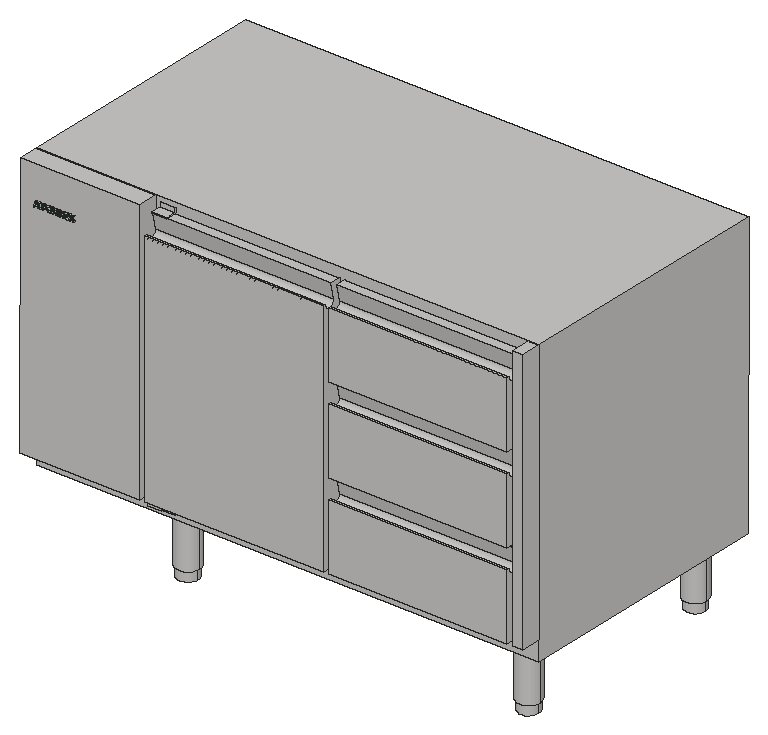
Revit family "QF_ALPENINOX_721024_AK2R7AC", category Attrezzature speciali, Revit 2018
Family settings
  Quota connettore circolare = Usa diametro
  Tipo di parte = Normale
  Basato su piano di lavoro = No
  Sempre verticale = Sì
  Taglio con vuoti quando caricato = No
  Condiviso = No
  Punto di calcolo locali = No
Parameters (values of type "Standard")
  Weight = 92.00 kg
  Watts = 250 W
  Volts = 220 V
  URL Manufacturer = "http://www.alpeninox.com"
  URL = "http://www.alpeninox.com"
  Steam Supply Size = 0 mm
  Steam Supply Minimum Pressure = 0.0 Pa
  Steam Supply Maximum Pressure = 0.0 Pa
  Steam Consumption per Hour = 0
  Refrigeration Suction Line Size = 0 mm
  Refrigeration Liquid Line Size = 0 mm
  Refrigerant Compressor Remote = yes
  Produttore = "Alpeninox"
  Phase = 1
  Modello = "AK2R7AC"
  Length Actual = 1241 mm  # constant formula
  Item Number = "721024"
  Hot Water Size = 0 mm
  Height Actual = 850 mm  # constant formula
  HP = "0.3 HP"
  Gas Size = 0 mm
  Gas KW = 0
  Gas Input Pressure = 0 W
  Direct Waste Size = 0 mm
  Descrizione = "1-DOOR AND 3X1/3-DRAWER REFRIGERATED COUNTER, -2+10°C, FULL AISI 304 (R290), WITHOUT WORK TOP"
  Depth Actual = 700 mm  # constant formula
  Cycle = 50 Hz
  Condensate Return Size = 0 mm
  Compressed Air Volume = 0.0 L/s
  Compressed Air Size = 0 mm
  Compressed Air Pressure = 0.0 Pa
  Cold Water Size = 0 mm
  Accessory = yes
Values of the unnamed type that differ from the named types
  Weight = 0.00 kg
  Watts = 0 W
  Volts = 0 V
  URL Manufacturer = ""
  Item Number = ""
  HP = ""
  Cycle = 0 Hz
Reference planes
  plane 1: z = 0
  plane 2 "Center (Left/Right)": x = -126.5
  plane 3 "Center (Front/Back)": y = 64.5
  plane 4 "FEET": z = 150
  plane 5 "TOP": z = 900
  plane 6 "PLAIN": z = 850
  plane 7 "EI_back": y = 103
  plane 8 "EI_left": x = -686
  plane 9 "BACK": y = 412
  plane 10 "FRONT": y = -283
  plane 11 "DOOR": y = -233
  plane 12 "LEFT": x = -747
  plane 13 "RIGHT": x = 494
  plane 14: x = -722
  plane 15: x = 469
Forms (mm)
  Extrusion 1, solid, material "QF_Finishes_Stainless Steel"
    sketch origin (-1022.223, -1524, 150) x (-1, 0, 0) y (0, -1, 0)
      loop
        circle (-336.223, -1627) r 5
    from 0 to -40
  Extrusion 2, solid, material "QF_Finishes_Stainless Steel"
    sketch origin (-1022.223, -1524, 150) x (-1, 0, 0) y (0, -1, 0)
      loop
        line (-1491.223, -1291) -> (-1491.223, -1241) -> (-1516.223, -1241) -> (-1516.223, -1291) -> (-1491.223, -1291)
    from 48 to 700
  Extrusion 3, solid, material "QF_Finishes_Stainless Steel"
    sketch origin (-1022.223, -1524, 150) x (-1, 0, 0) y (0, -1, 0)
      loop
        line (-275.223, -1936) -> (-275.223, -1291) -> (-1516.223, -1291) -> (-1516.223, -1936) -> (-275.223, -1936)
    from 0 to 700
Lines and regions (mm)
  symbolic lines, style "SpecialityEquipmentHiddenLines"
    curve 1: line (-747, 412, 150) -> (494, 412, 150)
    curve 2: line (-747, -283, 150) -> (-747, 412, 150)
    curve 3: line (494, -283, 150) -> (-747, -283, 150)
    curve 4: line (494, 412, 150) -> (494, -283, 150)
    curve 5: line (-747, -233, 150) -> (494, -233, 150)
    curve 6: line (469, -283, 150) -> (469, -233, 150)
Dimensions and locks
  plane 4 "FEET" to level = 150 mm
  plane 11 "DOOR" to plane 10 "FRONT" = 50 mm
  plane 6 "PLAIN" to plane 4 "FEET" = 700 mm
  plane 5 "TOP" to plane 6 "PLAIN" = 50 mm
  plane 12 "LEFT" to plane 14 = 25 mm
  plane 15 to plane 13 "RIGHT" = 25 mm
  plane 9 "BACK" to plane 7 "EI_back" = 309 mm
  plane 12 "LEFT" to plane 8 "EI_left" = 61 mm
  plane 12 "LEFT" to plane 13 "RIGHT" = 1241 mm
  equal spacing: plane 12 "LEFT", plane 2 "Center (Left/Right)", plane 13 "RIGHT"
  plane 9 "BACK" to plane 10 "FRONT" = 695 mm
  equal spacing: plane 9 "BACK", plane 3 "Center (Front/Back)", plane 10 "FRONT"
  aligned and locked: level to plane 1
  aligned and locked: plane 13 "RIGHT" to Extrusion 2
  aligned and locked: Extrusion 2 to plane 15
Automatic sketch dimensions
  Extrusion 1 sketch curve to plane 7 "EI_back" = 0 mm
  Extrusion 1 sketch curve to plane 8 "EI_left" = 0 mm
  Extrusion 2 sketch curve to plane 11 "DOOR" = 0 mm
  Extrusion 2 sketch curve to plane 13 "RIGHT" = 0 mm
  Extrusion 2 sketch curve to plane 10 "FRONT" = 0 mm
  Extrusion 2 sketch curve to plane 15 = 0 mm
  Extrusion 3 sketch curve to plane 9 "BACK" = 0 mm
  Extrusion 3 sketch curve to plane 13 "RIGHT" = 0 mm
  Extrusion 3 sketch curve to plane 11 "DOOR" = 0 mm
  Extrusion 3 sketch curve to plane 12 "LEFT" = 0 mm
  curve 1 to plane 13 "RIGHT" = 0 mm
  curve 6 to plane 10 "FRONT" = 0 mm
  curve 6 to plane 15 = 0 mm
  curve 5 to plane 12 "LEFT" = 0 mm
  curve 6 to plane 11 "DOOR" = 0 mm
  curve 1 to plane 9 "BACK" = 0 mm
  radius of Extrusion 1 sketch curve = 5 mm
Nested families
  nested 1: "HPC_Refrigerator" at (494, -283, 0), type "HPC_Refrigerator"
  nested 2: "HPC_FEET" at (-413, 331, 0), type "HPC_FEET"
  nested 3: "HPC_FEET" at (428, 331, 0), type "HPC_FEET"
  nested 4: "HPC_FEET" at (-413, -183, 0), type "HPC_FEET"
  nested 5: "HPC_FEET" at (428, -183, 0), type "HPC_FEET"
  nested 6: "HPC_APX_BI_TN_L" at (-540.08, -233, 598) x (1, 0, 0) z (0, -1, 0), type "HPC_APX_BI_TN_L"
    with Show Logo yes
  nested 7: "HPC_APX_SD_L" at (-219, -233, 512) x (1, 0, 0) z (0, -1, 0), type "HPC_APX_SD_L"
    with Show Clearance yes
  nested 8: "HPC_APX_THIRD" at (235, -233, 512) x (1, 0, 0) z (0, -1, 0), type "HPC_APX_THIRD"
    with Show Clearance yes
Connectors
  electrical at (-686, 103, 110), driven by "Volts"
    settings: on Extrusion 1, index 1, voltage 220 V, apparent load 0 VA, apparent load phase1 0 VA, apparent load phase2 0 VA, apparent load phase3 0 VA, power factor 1, load classification "Other", number of poles 1, system type 31, power factor state 1, is connector primary yes, connector utility no, sub classification motor no, connector description "Electrical Connection"
Definition of nested family "HPC_FEET"
  Parameters
    FEET = 150 mm
  Reference planes
    plane 1 "Center (Front/Back)": y = 0
    plane 2: z = 0
    plane 3 "Center (Left/Right)": x = 0
    plane 4: z = 150
  Forms (mm)
    Revolve 1, solid
      sketch origin (255.05, 0, 608.09) x (0, 0, 1) y (-1, 0, 0)
        loop
          line (-608.09, 255.05) -> (-608.09, 230.05) -> (-583.09, 230.05) -> (-583.09, 226.05) -> (-458.09, 226.05) -> (-458.09, 255.05) -> (-608.09, 255.05)
        axis (-608.09, 255.05) -> (-458.09, 255.05)
      angle from 0 to 360
  Dimensions and locks
    locked: Revolve 1 sketch curve to Revolve 1 sketch curve at 125
    "FEET": plane 4 to plane 2
    aligned and locked: level to plane 2
    aligned and locked: plane 4 to Revolve 1 sketch curve
    aligned and locked: Revolve 1 sketch curve to level
    aligned and locked: plane 3 "Center (Left/Right)" to Revolve 1 sketch curve
  Automatic sketch dimensions
    Revolve 1 sketch curve to plane 3 "Center (Left/Right)" = 0 mm
    Revolve 1 sketch curve to Revolve 1 sketch curve = 25 mm
    Revolve 1 sketch curve to Revolve 1 sketch curve = 29 mm
    plane 4 to Revolve 1 sketch curve = 50 mm
    Revolve 1 sketch curve to Revolve 1 sketch curve = 20 mm
Definition of nested family "HPC_APX_BI_TN_L"
  Parameters
    Show Logo [instance] = yes
    Default Elevation = 1219.2 mm
  Reference planes
    plane 1 "Center (Front/Back)": y = -74
    plane 2: z = 0
    plane 3 "Center (Left/Right)": x = -59.92
    plane 4: x = -206.92
    plane 5: x = 87.08
    plane 6: y = 252
    plane 7: y = -400
  Forms (mm)
    Extrusion 1, solid
      sketch origin (0, 0, 0) x (1, 0, 0) y (0, 1, 0)
        loop
          line (-1219.2, 1219.2) -> (-1219.2, -1219.2) -> (1219.2, -1219.2) -> (1219.2, 1219.2) -> (-1219.2, 1219.2)
      from 0 to -304.8
    Extrusion 2, solid
      sketch origin (0, 0, 0) x (1, 0, 0) y (0, 1, 0)
        loop
          line (-206.92, 252) -> (-206.92, -400) -> (87.08, -400) -> (87.08, 252) -> (-206.92, 252)
      from 0 to 50
    Extrusion 3, solid
      sketch origin (0, 0, 0) x (1, 0, 0) y (0, 1, 0)
        loop
          line (-168.675, 170.349) -> (-172.411, 160.318)
          arc (-172.411, 160.318) -> (-171.624, 158.497) -> (-169.837, 159.36) r 1.374
          line (-169.837, 159.36) -> (-169.268, 161.111) -> (-164.1, 161.111) -> (-163.54, 159.379)
          arc (-163.54, 159.379) -> (-161.802, 158.542) -> (-161.049, 160.318) r 1.333
          line (-161.049, 160.318) -> (-164.694, 170.349)
          arc (-164.694, 170.349) -> (-166.685, 171.876) -> (-168.675, 170.349) r 2.06
        loop
          line (-166.681, 169.055) -> (-168.469, 163.655) -> (-164.935, 163.655) -> (-166.681, 169.055)
        loop
          arc (-159.705, 160.042) -> (-159.262, 158.973) -> (-158.194, 158.531) r 1.512
          line (-158.194, 158.531) -> (-153.608, 158.531)
          arc (-153.608, 158.531) -> (-152.337, 159.802) -> (-153.608, 161.074) r 1.272
          line (-153.608, 161.074) -> (-156.917, 161.074) -> (-156.917, 170.328)
          arc (-156.917, 170.328) -> (-158.311, 171.722) -> (-159.705, 170.328) r 1.394
          line (-159.705, 170.328) -> (-159.705, 160.042)
        loop
          line (-151.076, 170.218) -> (-151.076, 159.859)
          arc (-151.076, 159.859) -> (-149.683, 158.466) -> (-148.29, 159.859) r 1.393
          line (-148.29, 159.859) -> (-148.29, 162.882) -> (-146.225, 162.882)
          arc (-146.225, 162.882) -> (-142.999, 163.859) -> (-141.608, 166.928) r 4.082
          arc (-141.608, 166.928) -> (-142.993, 170.272) -> (-146.336, 171.657) r 4.728
          line (-146.336, 171.657) -> (-149.638, 171.657)
          arc (-149.638, 171.657) -> (-150.655, 171.235) -> (-151.076, 170.218) r 1.439
        loop
          line (-148.29, 165.313) -> (-146.388, 165.313)
          arc (-146.388, 165.313) -> (-144.433, 167.268) -> (-146.388, 169.222) r 1.955
          line (-146.388, 169.222) -> (-148.29, 169.222) -> (-148.29, 165.313)
        loop
          arc (-131.184, 166.332) -> (-132.004, 168.2) -> (-133.767, 169.228) r 3.3
          arc (-133.767, 169.228) -> (-136.353, 168.661) -> (-137.611, 166.332) r 3.176
          line (-137.611, 166.332) -> (-131.184, 166.332)
        loop
          line (-137.538, 163.743) -> (-130.544, 163.743)
          arc (-130.544, 163.743) -> (-129.292, 163.916) -> (-128.301, 164.701) r 2.4
          arc (-128.301, 164.701) -> (-128.155, 165.545) -> (-128.212, 166.399) r 3.635
          arc (-128.212, 166.399) -> (-130.364, 170.162) -> (-134.39, 171.769) r 6.579
          arc (-134.39, 171.769) -> (-138.918, 169.706) -> (-140.661, 165.044) r 6.501
          arc (-140.661, 165.044) -> (-139.276, 160.789) -> (-135.401, 158.549) r 6.252
          arc (-135.401, 158.549) -> (-132.922, 158.526) -> (-130.544, 159.232) r 8.361
          arc (-130.544, 159.232) -> (-129.466, 159.781) -> (-128.641, 160.666) r 3.486
          arc (-128.641, 160.666) -> (-128.419, 161.592) -> (-128.828, 162.451) r 1.425
          arc (-128.828, 162.451) -> (-129.368, 162.762) -> (-129.99, 162.762) r 1.203
          arc (-129.99, 162.762) -> (-130.406, 162.59) -> (-130.764, 162.316) r 1.724
          arc (-130.764, 162.316) -> (-131.666, 161.705) -> (-132.646, 161.229) r 7.6
          arc (-132.646, 161.229) -> (-135.676, 161.35) -> (-137.538, 163.743) r 3.6
        loop
          line (-126.669, 170.328) -> (-126.669, 159.859)
          arc (-126.669, 159.859) -> (-125.273, 158.463) -> (-123.878, 159.859) r 1.396
          line (-123.878, 159.859) -> (-123.878, 166.785) -> (-117.946, 159.029)
          arc (-117.946, 159.029) -> (-116.361, 158.51) -> (-115.379, 159.859) r 1.417
          line (-115.379, 159.859) -> (-115.379, 170.328)
          arc (-115.379, 170.328) -> (-116.774, 171.723) -> (-118.169, 170.328) r 1.395
          line (-118.169, 170.328) -> (-118.169, 163.311) -> (-124.101, 171.157)
          arc (-124.101, 171.157) -> (-125.687, 171.678) -> (-126.669, 170.328) r 1.418
        loop
          arc (-113.636, 159.859) -> (-112.241, 158.464) -> (-110.847, 159.859) r 1.394
          line (-110.847, 159.859) -> (-110.847, 170.328)
          arc (-110.847, 170.328) -> (-112.241, 171.723) -> (-113.636, 170.328) r 1.394
          line (-113.636, 170.328) -> (-113.636, 159.859)
        loop
          line (-109.102, 170.328) -> (-109.102, 159.859)
          arc (-109.102, 159.859) -> (-107.706, 158.463) -> (-106.31, 159.859) r 1.396
          line (-106.31, 159.859) -> (-106.31, 166.785) -> (-100.378, 159.029)
          arc (-100.378, 159.029) -> (-98.793, 158.51) -> (-97.812, 159.859) r 1.417
          line (-97.812, 159.859) -> (-97.812, 170.328)
          arc (-97.812, 170.328) -> (-99.207, 171.723) -> (-100.602, 170.328) r 1.395
          line (-100.602, 170.328) -> (-100.602, 163.311) -> (-106.533, 171.157)
          arc (-106.533, 171.157) -> (-108.119, 171.678) -> (-109.102, 170.328) r 1.418
        loop
          arc (-96.345, 165.093) -> (-95.619, 161.877) -> (-93.467, 159.379) r 6.806
          arc (-93.467, 159.379) -> (-91.792, 158.566) -> (-89.948, 158.31) r 5.956
          arc (-89.948, 158.31) -> (-88.104, 158.566) -> (-86.43, 159.379) r 5.956
          arc (-86.43, 159.379) -> (-84.277, 161.877) -> (-83.551, 165.093) r 6.806
          arc (-83.551, 165.093) -> (-84.277, 168.31) -> (-86.43, 170.808) r 6.806
          arc (-86.43, 170.808) -> (-88.104, 171.621) -> (-89.948, 171.877) r 5.956
          arc (-89.948, 171.877) -> (-91.792, 171.621) -> (-93.467, 170.808) r 5.956
          arc (-93.467, 170.808) -> (-95.619, 168.31) -> (-96.345, 165.093) r 6.806
        loop
          arc (-93.425, 165.093) -> (-93.138, 163.212) -> (-92.081, 161.629) r 4.387
          arc (-92.081, 161.629) -> (-91.087, 161.049) -> (-89.948, 160.881) r 3.035
          arc (-89.948, 160.881) -> (-88.809, 161.049) -> (-87.815, 161.629) r 3.035
          arc (-87.815, 161.629) -> (-86.759, 163.212) -> (-86.472, 165.093) r 4.387
          arc (-86.472, 165.093) -> (-86.759, 166.975) -> (-87.815, 168.558) r 4.387
          arc (-87.815, 168.558) -> (-88.809, 169.138) -> (-89.948, 169.306) r 3.035
          arc (-89.948, 169.306) -> (-91.087, 169.138) -> (-92.081, 168.558) r 3.035
          arc (-92.081, 168.558) -> (-93.138, 166.975) -> (-93.425, 165.093) r 4.387
        loop
          line (-83.139, 169.609) -> (-80.126, 165.552) -> (-83.81, 160.652)
          arc (-83.81, 160.652) -> (-83.512, 158.692) -> (-81.559, 159.029) r 1.388
          line (-81.559, 159.029) -> (-78.51, 163.232) -> (-75.461, 159.029)
          arc (-75.461, 159.029) -> (-73.507, 158.692) -> (-73.21, 160.652) r 1.388
          line (-73.21, 160.652) -> (-76.894, 165.552) -> (-73.881, 169.609)
          arc (-73.881, 169.609) -> (-74.249, 171.597) -> (-76.205, 171.084) r 1.38
          line (-76.205, 171.084) -> (-78.51, 167.841) -> (-80.815, 171.084)
          arc (-80.815, 171.084) -> (-82.771, 171.597) -> (-83.139, 169.609) r 1.38
      from 50 to 51.6
  Lines and regions (mm)
    Split face 1
      outline origin (0, 0, 50) x (1, 0, 0) y (0, 1, 0)
        loop
          line (87.08, 183) -> (-172.92, 183)
          arc (-172.92, 183) -> (-190.42, 165.5) -> (-172.92, 148) r 17.5
          line (-172.92, 148) -> (87.08, 148)
    Split face 2
      outline origin (-38, 0, 50) x (1, 0, 0) y (0, 1, 0)
        loop
          line (-5.42, 177) -> (-5.42, 154) -> (64.58, 154) -> (64.58, 177) -> (-5.42, 177)
    Split face 3
      outline origin (-38, 0, 50) x (1, 0, 0) y (0, 1, 0)
        loop
          line (44.58, 174) -> (44.58, 157) -> (61.58, 157) -> (61.58, 174) -> (44.58, 174)
    Split face 4
      outline origin (0, 0, 50) x (1, 0, 0) y (0, 1, 0)
        loop
          line (-206.92, 188) -> (87.08, 188)
    Split face 5
      outline origin (0, 0, 50) x (1, 0, 0) y (0, 1, 0)
        loop
          arc (-163.464, 131.824) -> (-167.464, 127.824) -> (-163.464, 123.824) r 4
          line (-163.464, 123.824) -> (-121.464, 123.824)
          arc (-121.464, 123.824) -> (-117.464, 127.824) -> (-121.464, 131.824) r 4
          line (-121.464, 131.824) -> (-163.464, 131.824)
    Split face 6
      outline origin (330, 0, 50) x (1, 0, 0) y (0, 1, 0)
        loop
          arc (-328.464, 131.824) -> (-332.464, 127.824) -> (-328.464, 123.824) r 4
          line (-328.464, 123.824) -> (-286.464, 123.824)
          arc (-286.464, 123.824) -> (-282.464, 127.824) -> (-286.464, 131.824) r 4
          line (-286.464, 131.824) -> (-328.464, 131.824)
    Split face 7
      outline origin (110, 0, 50) x (1, 0, 0) y (0, 1, 0)
        loop
          arc (-218.464, 131.824) -> (-222.464, 127.824) -> (-218.464, 123.824) r 4
          line (-218.464, 123.824) -> (-176.464, 123.824)
          arc (-176.464, 123.824) -> (-172.464, 127.824) -> (-176.464, 131.824) r 4
          line (-176.464, 131.824) -> (-218.464, 131.824)
    Split face 8
      outline origin (220, 0, 50) x (1, 0, 0) y (0, 1, 0)
        loop
          arc (-273.464, 131.824) -> (-277.464, 127.824) -> (-273.464, 123.824) r 4
          line (-273.464, 123.824) -> (-231.464, 123.824)
          arc (-231.464, 123.824) -> (-227.464, 127.824) -> (-231.464, 131.824) r 4
          line (-231.464, 131.824) -> (-273.464, 131.824)
    Split face 9
      outline origin (0, -24, 50) x (1, 0, 0) y (0, 1, 0)
        loop
          arc (-163.464, 143.824) -> (-167.464, 139.824) -> (-163.464, 135.824) r 4
          line (-163.464, 135.824) -> (-121.464, 135.824)
          arc (-121.464, 135.824) -> (-117.464, 139.824) -> (-121.464, 143.824) r 4
          line (-121.464, 143.824) -> (-163.464, 143.824)
    Split face 10
      outline origin (330, -24, 50) x (1, 0, 0) y (0, 1, 0)
        loop
          arc (-328.464, 143.824) -> (-332.464, 139.824) -> (-328.464, 135.824) r 4
          line (-328.464, 135.824) -> (-286.464, 135.824)
          arc (-286.464, 135.824) -> (-282.464, 139.824) -> (-286.464, 143.824) r 4
          line (-286.464, 143.824) -> (-328.464, 143.824)
    Split face 11
      outline origin (110, -24, 50) x (1, 0, 0) y (0, 1, 0)
        loop
          arc (-218.464, 143.824) -> (-222.464, 139.824) -> (-218.464, 135.824) r 4
          line (-218.464, 135.824) -> (-176.464, 135.824)
          arc (-176.464, 135.824) -> (-172.464, 139.824) -> (-176.464, 143.824) r 4
          line (-176.464, 143.824) -> (-218.464, 143.824)
    Split face 12
      outline origin (220, -24, 50) x (1, 0, 0) y (0, 1, 0)
        loop
          arc (-273.464, 143.824) -> (-277.464, 139.824) -> (-273.464, 135.824) r 4
          line (-273.464, 135.824) -> (-231.464, 135.824)
          arc (-231.464, 135.824) -> (-227.464, 139.824) -> (-231.464, 143.824) r 4
          line (-231.464, 143.824) -> (-273.464, 143.824)
    Split face 13
      outline origin (0, -48, 50) x (1, 0, 0) y (0, 1, 0)
        loop
          arc (-163.464, 155.824) -> (-167.464, 151.824) -> (-163.464, 147.824) r 4
          line (-163.464, 147.824) -> (-121.464, 147.824)
          arc (-121.464, 147.824) -> (-117.464, 151.824) -> (-121.464, 155.824) r 4
          line (-121.464, 155.824) -> (-163.464, 155.824)
    Split face 14
      outline origin (330, -48, 50) x (1, 0, 0) y (0, 1, 0)
        loop
          arc (-328.464, 155.824) -> (-332.464, 151.824) -> (-328.464, 147.824) r 4
          line (-328.464, 147.824) -> (-286.464, 147.824)
          arc (-286.464, 147.824) -> (-282.464, 151.824) -> (-286.464, 155.824) r 4
          line (-286.464, 155.824) -> (-328.464, 155.824)
    Split face 15
      outline origin (110, -48, 50) x (1, 0, 0) y (0, 1, 0)
        loop
          arc (-218.464, 155.824) -> (-222.464, 151.824) -> (-218.464, 147.824) r 4
          line (-218.464, 147.824) -> (-176.464, 147.824)
          arc (-176.464, 147.824) -> (-172.464, 151.824) -> (-176.464, 155.824) r 4
          line (-176.464, 155.824) -> (-218.464, 155.824)
    Split face 16
      outline origin (220, -48, 50) x (1, 0, 0) y (0, 1, 0)
        loop
          arc (-273.464, 155.824) -> (-277.464, 151.824) -> (-273.464, 147.824) r 4
          line (-273.464, 147.824) -> (-231.464, 147.824)
          arc (-231.464, 147.824) -> (-227.464, 151.824) -> (-231.464, 155.824) r 4
          line (-231.464, 155.824) -> (-273.464, 155.824)
    Split face 17
      outline origin (0, -72, 50) x (1, 0, 0) y (0, 1, 0)
        loop
          arc (-163.464, 167.824) -> (-167.464, 163.824) -> (-163.464, 159.824) r 4
          line (-163.464, 159.824) -> (-121.464, 159.824)
          arc (-121.464, 159.824) -> (-117.464, 163.824) -> (-121.464, 167.824) r 4
          line (-121.464, 167.824) -> (-163.464, 167.824)
    Split face 18
      outline origin (330, -72, 50) x (1, 0, 0) y (0, 1, 0)
        loop
          arc (-328.464, 167.824) -> (-332.464, 163.824) -> (-328.464, 159.824) r 4
          line (-328.464, 159.824) -> (-286.464, 159.824)
          arc (-286.464, 159.824) -> (-282.464, 163.824) -> (-286.464, 167.824) r 4
          line (-286.464, 167.824) -> (-328.464, 167.824)
    Split face 19
      outline origin (110, -72, 50) x (1, 0, 0) y (0, 1, 0)
        loop
          arc (-218.464, 167.824) -> (-222.464, 163.824) -> (-218.464, 159.824) r 4
          line (-218.464, 159.824) -> (-176.464, 159.824)
          arc (-176.464, 159.824) -> (-172.464, 163.824) -> (-176.464, 167.824) r 4
          line (-176.464, 167.824) -> (-218.464, 167.824)
    Split face 20
      outline origin (220, -72, 50) x (1, 0, 0) y (0, 1, 0)
        loop
          arc (-273.464, 167.824) -> (-277.464, 163.824) -> (-273.464, 159.824) r 4
          line (-273.464, 159.824) -> (-231.464, 159.824)
          arc (-231.464, 159.824) -> (-227.464, 163.824) -> (-231.464, 167.824) r 4
          line (-231.464, 167.824) -> (-273.464, 167.824)
    Split face 21
      outline origin (0, -96, 50) x (1, 0, 0) y (0, 1, 0)
        loop
          arc (-163.464, 179.824) -> (-167.464, 175.824) -> (-163.464, 171.824) r 4
          line (-163.464, 171.824) -> (-121.464, 171.824)
          arc (-121.464, 171.824) -> (-117.464, 175.824) -> (-121.464, 179.824) r 4
          line (-121.464, 179.824) -> (-163.464, 179.824)
    Split face 22
      outline origin (330, -96, 50) x (1, 0, 0) y (0, 1, 0)
        loop
          arc (-328.464, 179.824) -> (-332.464, 175.824) -> (-328.464, 171.824) r 4
          line (-328.464, 171.824) -> (-286.464, 171.824)
          arc (-286.464, 171.824) -> (-282.464, 175.824) -> (-286.464, 179.824) r 4
          line (-286.464, 179.824) -> (-328.464, 179.824)
    Split face 23
      outline origin (110, -96, 50) x (1, 0, 0) y (0, 1, 0)
        loop
          arc (-218.464, 179.824) -> (-222.464, 175.824) -> (-218.464, 171.824) r 4
          line (-218.464, 171.824) -> (-176.464, 171.824)
          arc (-176.464, 171.824) -> (-172.464, 175.824) -> (-176.464, 179.824) r 4
          line (-176.464, 179.824) -> (-218.464, 179.824)
    Split face 24
      outline origin (220, -96, 50) x (1, 0, 0) y (0, 1, 0)
        loop
          arc (-273.464, 179.824) -> (-277.464, 175.824) -> (-273.464, 171.824) r 4
          line (-273.464, 171.824) -> (-231.464, 171.824)
          arc (-231.464, 171.824) -> (-227.464, 175.824) -> (-231.464, 179.824) r 4
          line (-231.464, 179.824) -> (-273.464, 179.824)
    Split face 25
      outline origin (0, -120, 50) x (1, 0, 0) y (0, 1, 0)
        loop
          arc (-163.464, 191.824) -> (-167.464, 187.824) -> (-163.464, 183.824) r 4
          line (-163.464, 183.824) -> (-121.464, 183.824)
          arc (-121.464, 183.824) -> (-117.464, 187.824) -> (-121.464, 191.824) r 4
          line (-121.464, 191.824) -> (-163.464, 191.824)
    Split face 26
      outline origin (330, -120, 50) x (1, 0, 0) y (0, 1, 0)
        loop
          arc (-328.464, 191.824) -> (-332.464, 187.824) -> (-328.464, 183.824) r 4
          line (-328.464, 183.824) -> (-286.464, 183.824)
          arc (-286.464, 183.824) -> (-282.464, 187.824) -> (-286.464, 191.824) r 4
          line (-286.464, 191.824) -> (-328.464, 191.824)
    Split face 27
      outline origin (110, -120, 50) x (1, 0, 0) y (0, 1, 0)
        loop
          arc (-218.464, 191.824) -> (-222.464, 187.824) -> (-218.464, 183.824) r 4
          line (-218.464, 183.824) -> (-176.464, 183.824)
          arc (-176.464, 183.824) -> (-172.464, 187.824) -> (-176.464, 191.824) r 4
          line (-176.464, 191.824) -> (-218.464, 191.824)
    Split face 28
      outline origin (220, -120, 50) x (1, 0, 0) y (0, 1, 0)
        loop
          arc (-273.464, 191.824) -> (-277.464, 187.824) -> (-273.464, 183.824) r 4
          line (-273.464, 183.824) -> (-231.464, 183.824)
          arc (-231.464, 183.824) -> (-227.464, 187.824) -> (-231.464, 191.824) r 4
          line (-231.464, 191.824) -> (-273.464, 191.824)
    Split face 29
      outline origin (0, -144, 50) x (1, 0, 0) y (0, 1, 0)
        loop
          arc (-163.464, 203.824) -> (-167.464, 199.824) -> (-163.464, 195.824) r 4
          line (-163.464, 195.824) -> (-121.464, 195.824)
          arc (-121.464, 195.824) -> (-117.464, 199.824) -> (-121.464, 203.824) r 4
          line (-121.464, 203.824) -> (-163.464, 203.824)
    Split face 30
      outline origin (330, -144, 50) x (1, 0, 0) y (0, 1, 0)
        loop
          arc (-328.464, 203.824) -> (-332.464, 199.824) -> (-328.464, 195.824) r 4
          line (-328.464, 195.824) -> (-286.464, 195.824)
          arc (-286.464, 195.824) -> (-282.464, 199.824) -> (-286.464, 203.824) r 4
          line (-286.464, 203.824) -> (-328.464, 203.824)
    Split face 31
      outline origin (110, -144, 50) x (1, 0, 0) y (0, 1, 0)
        loop
          arc (-218.464, 203.824) -> (-222.464, 199.824) -> (-218.464, 195.824) r 4
          line (-218.464, 195.824) -> (-176.464, 195.824)
          arc (-176.464, 195.824) -> (-172.464, 199.824) -> (-176.464, 203.824) r 4
          line (-176.464, 203.824) -> (-218.464, 203.824)
    Split face 32
      outline origin (220, -144, 50) x (1, 0, 0) y (0, 1, 0)
        loop
          arc (-273.464, 203.824) -> (-277.464, 199.824) -> (-273.464, 195.824) r 4
          line (-273.464, 195.824) -> (-231.464, 195.824)
          arc (-231.464, 195.824) -> (-227.464, 199.824) -> (-231.464, 203.824) r 4
          line (-231.464, 203.824) -> (-273.464, 203.824)
    Split face 33
      outline origin (0, -168, 50) x (1, 0, 0) y (0, 1, 0)
        loop
          arc (-163.464, 215.824) -> (-167.464, 211.824) -> (-163.464, 207.824) r 4
          line (-163.464, 207.824) -> (-121.464, 207.824)
          arc (-121.464, 207.824) -> (-117.464, 211.824) -> (-121.464, 215.824) r 4
          line (-121.464, 215.824) -> (-163.464, 215.824)
    Split face 34
      outline origin (330, -168, 50) x (1, 0, 0) y (0, 1, 0)
        loop
          arc (-328.464, 215.824) -> (-332.464, 211.824) -> (-328.464, 207.824) r 4
          line (-328.464, 207.824) -> (-286.464, 207.824)
          arc (-286.464, 207.824) -> (-282.464, 211.824) -> (-286.464, 215.824) r 4
          line (-286.464, 215.824) -> (-328.464, 215.824)
    Split face 35
      outline origin (110, -168, 50) x (1, 0, 0) y (0, 1, 0)
        loop
          arc (-218.464, 215.824) -> (-222.464, 211.824) -> (-218.464, 207.824) r 4
          line (-218.464, 207.824) -> (-176.464, 207.824)
          arc (-176.464, 207.824) -> (-172.464, 211.824) -> (-176.464, 215.824) r 4
          line (-176.464, 215.824) -> (-218.464, 215.824)
    Split face 36
      outline origin (220, -168, 50) x (1, 0, 0) y (0, 1, 0)
        loop
          arc (-273.464, 215.824) -> (-277.464, 211.824) -> (-273.464, 207.824) r 4
          line (-273.464, 207.824) -> (-231.464, 207.824)
          arc (-231.464, 207.824) -> (-227.464, 211.824) -> (-231.464, 215.824) r 4
          line (-231.464, 215.824) -> (-273.464, 215.824)
    Split face 37
      outline origin (0, -192, 50) x (1, 0, 0) y (0, 1, 0)
        loop
          arc (-163.464, 227.824) -> (-167.464, 223.824) -> (-163.464, 219.824) r 4
          line (-163.464, 219.824) -> (-121.464, 219.824)
          arc (-121.464, 219.824) -> (-117.464, 223.824) -> (-121.464, 227.824) r 4
          line (-121.464, 227.824) -> (-163.464, 227.824)
    Split face 38
      outline origin (330, -192, 50) x (1, 0, 0) y (0, 1, 0)
        loop
          arc (-328.464, 227.824) -> (-332.464, 223.824) -> (-328.464, 219.824) r 4
          line (-328.464, 219.824) -> (-286.464, 219.824)
          arc (-286.464, 219.824) -> (-282.464, 223.824) -> (-286.464, 227.824) r 4
          line (-286.464, 227.824) -> (-328.464, 227.824)
    Split face 39
      outline origin (110, -192, 50) x (1, 0, 0) y (0, 1, 0)
        loop
          arc (-218.464, 227.824) -> (-222.464, 223.824) -> (-218.464, 219.824) r 4
          line (-218.464, 219.824) -> (-176.464, 219.824)
          arc (-176.464, 219.824) -> (-172.464, 223.824) -> (-176.464, 227.824) r 4
          line (-176.464, 227.824) -> (-218.464, 227.824)
    Split face 40
      outline origin (220, -192, 50) x (1, 0, 0) y (0, 1, 0)
        loop
          arc (-273.464, 227.824) -> (-277.464, 223.824) -> (-273.464, 219.824) r 4
          line (-273.464, 219.824) -> (-231.464, 219.824)
          arc (-231.464, 219.824) -> (-227.464, 223.824) -> (-231.464, 227.824) r 4
          line (-231.464, 227.824) -> (-273.464, 227.824)
    Split face 41
      outline origin (0, -216, 50) x (1, 0, 0) y (0, 1, 0)
        loop
          arc (-163.464, 239.824) -> (-167.464, 235.824) -> (-163.464, 231.824) r 4
          line (-163.464, 231.824) -> (-121.464, 231.824)
          arc (-121.464, 231.824) -> (-117.464, 235.824) -> (-121.464, 239.824) r 4
          line (-121.464, 239.824) -> (-163.464, 239.824)
    Split face 42
      outline origin (330, -216, 50) x (1, 0, 0) y (0, 1, 0)
        loop
          arc (-328.464, 239.824) -> (-332.464, 235.824) -> (-328.464, 231.824) r 4
          line (-328.464, 231.824) -> (-286.464, 231.824)
          arc (-286.464, 231.824) -> (-282.464, 235.824) -> (-286.464, 239.824) r 4
          line (-286.464, 239.824) -> (-328.464, 239.824)
    Split face 43
      outline origin (110, -216, 50) x (1, 0, 0) y (0, 1, 0)
        loop
          arc (-218.464, 239.824) -> (-222.464, 235.824) -> (-218.464, 231.824) r 4
          line (-218.464, 231.824) -> (-176.464, 231.824)
          arc (-176.464, 231.824) -> (-172.464, 235.824) -> (-176.464, 239.824) r 4
          line (-176.464, 239.824) -> (-218.464, 239.824)
    Split face 44
      outline origin (220, -216, 50) x (1, 0, 0) y (0, 1, 0)
        loop
          arc (-273.464, 239.824) -> (-277.464, 235.824) -> (-273.464, 231.824) r 4
          line (-273.464, 231.824) -> (-231.464, 231.824)
          arc (-231.464, 231.824) -> (-227.464, 235.824) -> (-231.464, 239.824) r 4
          line (-231.464, 239.824) -> (-273.464, 239.824)
    Split face 45
      outline origin (0, -240, 50) x (1, 0, 0) y (0, 1, 0)
        loop
          arc (-163.464, 251.824) -> (-167.464, 247.824) -> (-163.464, 243.824) r 4
          line (-163.464, 243.824) -> (-121.464, 243.824)
          arc (-121.464, 243.824) -> (-117.464, 247.824) -> (-121.464, 251.824) r 4
          line (-121.464, 251.824) -> (-163.464, 251.824)
    Split face 46
      outline origin (330, -240, 50) x (1, 0, 0) y (0, 1, 0)
        loop
          arc (-328.464, 251.824) -> (-332.464, 247.824) -> (-328.464, 243.824) r 4
          line (-328.464, 243.824) -> (-286.464, 243.824)
          arc (-286.464, 243.824) -> (-282.464, 247.824) -> (-286.464, 251.824) r 4
          line (-286.464, 251.824) -> (-328.464, 251.824)
    Split face 47
      outline origin (110, -240, 50) x (1, 0, 0) y (0, 1, 0)
        loop
          arc (-218.464, 251.824) -> (-222.464, 247.824) -> (-218.464, 243.824) r 4
          line (-218.464, 243.824) -> (-176.464, 243.824)
          arc (-176.464, 243.824) -> (-172.464, 247.824) -> (-176.464, 251.824) r 4
          line (-176.464, 251.824) -> (-218.464, 251.824)
    Split face 48
      outline origin (220, -240, 50) x (1, 0, 0) y (0, 1, 0)
        loop
          arc (-273.464, 251.824) -> (-277.464, 247.824) -> (-273.464, 243.824) r 4
          line (-273.464, 243.824) -> (-231.464, 243.824)
          arc (-231.464, 243.824) -> (-227.464, 247.824) -> (-231.464, 251.824) r 4
          line (-231.464, 251.824) -> (-273.464, 251.824)
    Split face 49
      outline origin (0, -264, 50) x (1, 0, 0) y (0, 1, 0)
        loop
          arc (-163.464, 263.824) -> (-167.464, 259.824) -> (-163.464, 255.824) r 4
          line (-163.464, 255.824) -> (-121.464, 255.824)
          arc (-121.464, 255.824) -> (-117.464, 259.824) -> (-121.464, 263.824) r 4
          line (-121.464, 263.824) -> (-163.464, 263.824)
    Split face 50
      outline origin (330, -264, 50) x (1, 0, 0) y (0, 1, 0)
        loop
          arc (-328.464, 263.824) -> (-332.464, 259.824) -> (-328.464, 255.824) r 4
          line (-328.464, 255.824) -> (-286.464, 255.824)
          arc (-286.464, 255.824) -> (-282.464, 259.824) -> (-286.464, 263.824) r 4
          line (-286.464, 263.824) -> (-328.464, 263.824)
    Split face 51
      outline origin (110, -264, 50) x (1, 0, 0) y (0, 1, 0)
        loop
          arc (-218.464, 263.824) -> (-222.464, 259.824) -> (-218.464, 255.824) r 4
          line (-218.464, 255.824) -> (-176.464, 255.824)
          arc (-176.464, 255.824) -> (-172.464, 259.824) -> (-176.464, 263.824) r 4
          line (-176.464, 263.824) -> (-218.464, 263.824)
    Split face 52
      outline origin (220, -264, 50) x (1, 0, 0) y (0, 1, 0)
        loop
          arc (-273.464, 263.824) -> (-277.464, 259.824) -> (-273.464, 255.824) r 4
          line (-273.464, 255.824) -> (-231.464, 255.824)
          arc (-231.464, 255.824) -> (-227.464, 259.824) -> (-231.464, 263.824) r 4
          line (-231.464, 263.824) -> (-273.464, 263.824)
    Split face 53
      outline origin (0, -288, 50) x (1, 0, 0) y (0, 1, 0)
        loop
          arc (-163.464, 275.824) -> (-167.464, 271.824) -> (-163.464, 267.824) r 4
          line (-163.464, 267.824) -> (-121.464, 267.824)
          arc (-121.464, 267.824) -> (-117.464, 271.824) -> (-121.464, 275.824) r 4
          line (-121.464, 275.824) -> (-163.464, 275.824)
    Split face 54
      outline origin (330, -288, 50) x (1, 0, 0) y (0, 1, 0)
        loop
          arc (-328.464, 275.824) -> (-332.464, 271.824) -> (-328.464, 267.824) r 4
          line (-328.464, 267.824) -> (-286.464, 267.824)
          arc (-286.464, 267.824) -> (-282.464, 271.824) -> (-286.464, 275.824) r 4
          line (-286.464, 275.824) -> (-328.464, 275.824)
    Split face 55
      outline origin (110, -288, 50) x (1, 0, 0) y (0, 1, 0)
        loop
          arc (-218.464, 275.824) -> (-222.464, 271.824) -> (-218.464, 267.824) r 4
          line (-218.464, 267.824) -> (-176.464, 267.824)
          arc (-176.464, 267.824) -> (-172.464, 271.824) -> (-176.464, 275.824) r 4
          line (-176.464, 275.824) -> (-218.464, 275.824)
    Split face 56
      outline origin (220, -288, 50) x (1, 0, 0) y (0, 1, 0)
        loop
          arc (-273.464, 275.824) -> (-277.464, 271.824) -> (-273.464, 267.824) r 4
          line (-273.464, 267.824) -> (-231.464, 267.824)
          arc (-231.464, 267.824) -> (-227.464, 271.824) -> (-231.464, 275.824) r 4
          line (-231.464, 275.824) -> (-273.464, 275.824)
    Split face 57
      outline origin (0, -312, 50) x (1, 0, 0) y (0, 1, 0)
        loop
          arc (-163.464, 287.824) -> (-167.464, 283.824) -> (-163.464, 279.824) r 4
          line (-163.464, 279.824) -> (-121.464, 279.824)
          arc (-121.464, 279.824) -> (-117.464, 283.824) -> (-121.464, 287.824) r 4
          line (-121.464, 287.824) -> (-163.464, 287.824)
    Split face 58
      outline origin (330, -312, 50) x (1, 0, 0) y (0, 1, 0)
        loop
          arc (-328.464, 287.824) -> (-332.464, 283.824) -> (-328.464, 279.824) r 4
          line (-328.464, 279.824) -> (-286.464, 279.824)
          arc (-286.464, 279.824) -> (-282.464, 283.824) -> (-286.464, 287.824) r 4
          line (-286.464, 287.824) -> (-328.464, 287.824)
    Split face 59
      outline origin (110, -312, 50) x (1, 0, 0) y (0, 1, 0)
        loop
          arc (-218.464, 287.824) -> (-222.464, 283.824) -> (-218.464, 279.824) r 4
          line (-218.464, 279.824) -> (-176.464, 279.824)
          arc (-176.464, 279.824) -> (-172.464, 283.824) -> (-176.464, 287.824) r 4
          line (-176.464, 287.824) -> (-218.464, 287.824)
    Split face 60
      outline origin (220, -312, 50) x (1, 0, 0) y (0, 1, 0)
        loop
          arc (-273.464, 287.824) -> (-277.464, 283.824) -> (-273.464, 279.824) r 4
          line (-273.464, 279.824) -> (-231.464, 279.824)
          arc (-231.464, 279.824) -> (-227.464, 283.824) -> (-231.464, 287.824) r 4
          line (-231.464, 287.824) -> (-273.464, 287.824)
    Split face 61
      outline origin (0, -336, 50) x (1, 0, 0) y (0, 1, 0)
        loop
          arc (-163.464, 299.824) -> (-167.464, 295.824) -> (-163.464, 291.824) r 4
          line (-163.464, 291.824) -> (-121.464, 291.824)
          arc (-121.464, 291.824) -> (-117.464, 295.824) -> (-121.464, 299.824) r 4
          line (-121.464, 299.824) -> (-163.464, 299.824)
    Split face 62
      outline origin (330, -336, 50) x (1, 0, 0) y (0, 1, 0)
        loop
          arc (-328.464, 299.824) -> (-332.464, 295.824) -> (-328.464, 291.824) r 4
          line (-328.464, 291.824) -> (-286.464, 291.824)
          arc (-286.464, 291.824) -> (-282.464, 295.824) -> (-286.464, 299.824) r 4
          line (-286.464, 299.824) -> (-328.464, 299.824)
    Split face 63
      outline origin (110, -336, 50) x (1, 0, 0) y (0, 1, 0)
        loop
          arc (-218.464, 299.824) -> (-222.464, 295.824) -> (-218.464, 291.824) r 4
          line (-218.464, 291.824) -> (-176.464, 291.824)
          arc (-176.464, 291.824) -> (-172.464, 295.824) -> (-176.464, 299.824) r 4
          line (-176.464, 299.824) -> (-218.464, 299.824)
    Split face 64
      outline origin (220, -336, 50) x (1, 0, 0) y (0, 1, 0)
        loop
          arc (-273.464, 299.824) -> (-277.464, 295.824) -> (-273.464, 291.824) r 4
          line (-273.464, 291.824) -> (-231.464, 291.824)
          arc (-231.464, 291.824) -> (-227.464, 295.824) -> (-231.464, 299.824) r 4
          line (-231.464, 299.824) -> (-273.464, 299.824)
    Split face 65
      outline origin (0, -360, 50) x (1, 0, 0) y (0, 1, 0)
        loop
          arc (-163.464, 311.824) -> (-167.464, 307.824) -> (-163.464, 303.824) r 4
          line (-163.464, 303.824) -> (-121.464, 303.824)
          arc (-121.464, 303.824) -> (-117.464, 307.824) -> (-121.464, 311.824) r 4
          line (-121.464, 311.824) -> (-163.464, 311.824)
    Split face 66
      outline origin (330, -360, 50) x (1, 0, 0) y (0, 1, 0)
        loop
          arc (-328.464, 311.824) -> (-332.464, 307.824) -> (-328.464, 303.824) r 4
          line (-328.464, 303.824) -> (-286.464, 303.824)
          arc (-286.464, 303.824) -> (-282.464, 307.824) -> (-286.464, 311.824) r 4
          line (-286.464, 311.824) -> (-328.464, 311.824)
    Split face 67
      outline origin (110, -360, 50) x (1, 0, 0) y (0, 1, 0)
        loop
          arc (-218.464, 311.824) -> (-222.464, 307.824) -> (-218.464, 303.824) r 4
          line (-218.464, 303.824) -> (-176.464, 303.824)
          arc (-176.464, 303.824) -> (-172.464, 307.824) -> (-176.464, 311.824) r 4
          line (-176.464, 311.824) -> (-218.464, 311.824)
    Split face 68
      outline origin (220, -360, 50) x (1, 0, 0) y (0, 1, 0)
        loop
          arc (-273.464, 311.824) -> (-277.464, 307.824) -> (-273.464, 303.824) r 4
          line (-273.464, 303.824) -> (-231.464, 303.824)
          arc (-231.464, 303.824) -> (-227.464, 307.824) -> (-231.464, 311.824) r 4
          line (-231.464, 311.824) -> (-273.464, 311.824)
    Split face 69
      outline origin (0, 0, 50) x (1, 0, 0) y (0, 1, 0)
        loop
          line (-206.92, 143) -> (87.08, 143)
    Split face 70
      outline origin (0, -663.3, 50) x (1, 0, 0) y (0, 1, 0)
        loop
          arc (-163.464, 463.474) -> (-167.464, 459.474) -> (-163.464, 455.474) r 4
          line (-163.464, 455.474) -> (-121.464, 455.474)
          arc (-121.464, 455.474) -> (-117.464, 459.474) -> (-121.464, 463.474) r 4
          line (-121.464, 463.474) -> (-163.464, 463.474)
    Split face 71
      outline origin (330, -663.3, 50) x (1, 0, 0) y (0, 1, 0)
        loop
          arc (-328.464, 463.474) -> (-332.464, 459.474) -> (-328.464, 455.474) r 4
          line (-328.464, 455.474) -> (-286.464, 455.474)
          arc (-286.464, 455.474) -> (-282.464, 459.474) -> (-286.464, 463.474) r 4
          line (-286.464, 463.474) -> (-328.464, 463.474)
    Split face 72
      outline origin (110, -663.3, 50) x (1, 0, 0) y (0, 1, 0)
        loop
          arc (-218.464, 463.474) -> (-222.464, 459.474) -> (-218.464, 455.474) r 4
          line (-218.464, 455.474) -> (-176.464, 455.474)
          arc (-176.464, 455.474) -> (-172.464, 459.474) -> (-176.464, 463.474) r 4
          line (-176.464, 463.474) -> (-218.464, 463.474)
    Split face 73
      outline origin (220, -663.3, 50) x (1, 0, 0) y (0, 1, 0)
        loop
          arc (-273.464, 463.474) -> (-277.464, 459.474) -> (-273.464, 455.474) r 4
          line (-273.464, 455.474) -> (-231.464, 455.474)
          arc (-231.464, 455.474) -> (-227.464, 459.474) -> (-231.464, 463.474) r 4
          line (-231.464, 463.474) -> (-273.464, 463.474)
    Split face 74
      outline origin (0, -687.3, 50) x (1, 0, 0) y (0, 1, 0)
        loop
          arc (-163.464, 475.474) -> (-167.464, 471.474) -> (-163.464, 467.474) r 4
          line (-163.464, 467.474) -> (-121.464, 467.474)
          arc (-121.464, 467.474) -> (-117.464, 471.474) -> (-121.464, 475.474) r 4
          line (-121.464, 475.474) -> (-163.464, 475.474)
    Split face 75
      outline origin (330, -687.3, 50) x (1, 0, 0) y (0, 1, 0)
        loop
          arc (-328.464, 475.474) -> (-332.464, 471.474) -> (-328.464, 467.474) r 4
          line (-328.464, 467.474) -> (-286.464, 467.474)
          arc (-286.464, 467.474) -> (-282.464, 471.474) -> (-286.464, 475.474) r 4
          line (-286.464, 475.474) -> (-328.464, 475.474)
    Split face 76
      outline origin (110, -687.3, 50) x (1, 0, 0) y (0, 1, 0)
        loop
          arc (-218.464, 475.474) -> (-222.464, 471.474) -> (-218.464, 467.474) r 4
          line (-218.464, 467.474) -> (-176.464, 467.474)
          arc (-176.464, 467.474) -> (-172.464, 471.474) -> (-176.464, 475.474) r 4
          line (-176.464, 475.474) -> (-218.464, 475.474)
    Split face 77
      outline origin (220, -687.3, 50) x (1, 0, 0) y (0, 1, 0)
        loop
          arc (-273.464, 475.474) -> (-277.464, 471.474) -> (-273.464, 467.474) r 4
          line (-273.464, 467.474) -> (-231.464, 467.474)
          arc (-231.464, 467.474) -> (-227.464, 471.474) -> (-231.464, 475.474) r 4
          line (-231.464, 475.474) -> (-273.464, 475.474)
    Split face 78
      outline origin (0, -711.3, 50) x (1, 0, 0) y (0, 1, 0)
        loop
          arc (-163.464, 487.474) -> (-167.464, 483.474) -> (-163.464, 479.474) r 4
          line (-163.464, 479.474) -> (-121.464, 479.474)
          arc (-121.464, 479.474) -> (-117.464, 483.474) -> (-121.464, 487.474) r 4
          line (-121.464, 487.474) -> (-163.464, 487.474)
    Split face 79
      outline origin (330, -711.3, 50) x (1, 0, 0) y (0, 1, 0)
        loop
          arc (-328.464, 487.474) -> (-332.464, 483.474) -> (-328.464, 479.474) r 4
          line (-328.464, 479.474) -> (-286.464, 479.474)
          arc (-286.464, 479.474) -> (-282.464, 483.474) -> (-286.464, 487.474) r 4
          line (-286.464, 487.474) -> (-328.464, 487.474)
    Split face 80
      outline origin (110, -711.3, 50) x (1, 0, 0) y (0, 1, 0)
        loop
          arc (-218.464, 487.474) -> (-222.464, 483.474) -> (-218.464, 479.474) r 4
          line (-218.464, 479.474) -> (-176.464, 479.474)
          arc (-176.464, 479.474) -> (-172.464, 483.474) -> (-176.464, 487.474) r 4
          line (-176.464, 487.474) -> (-218.464, 487.474)
    Split face 81
      outline origin (220, -711.3, 50) x (1, 0, 0) y (0, 1, 0)
        loop
          arc (-273.464, 487.474) -> (-277.464, 483.474) -> (-273.464, 479.474) r 4
          line (-273.464, 479.474) -> (-231.464, 479.474)
          arc (-231.464, 479.474) -> (-227.464, 483.474) -> (-231.464, 487.474) r 4
          line (-231.464, 487.474) -> (-273.464, 487.474)
    Split face 82
      outline origin (0, -735.3, 50) x (1, 0, 0) y (0, 1, 0)
        loop
          arc (-163.464, 499.474) -> (-167.464, 495.474) -> (-163.464, 491.474) r 4
          line (-163.464, 491.474) -> (-121.464, 491.474)
          arc (-121.464, 491.474) -> (-117.464, 495.474) -> (-121.464, 499.474) r 4
          line (-121.464, 499.474) -> (-163.464, 499.474)
    Split face 83
      outline origin (330, -735.3, 50) x (1, 0, 0) y (0, 1, 0)
        loop
          arc (-328.464, 499.474) -> (-332.464, 495.474) -> (-328.464, 491.474) r 4
          line (-328.464, 491.474) -> (-286.464, 491.474)
          arc (-286.464, 491.474) -> (-282.464, 495.474) -> (-286.464, 499.474) r 4
          line (-286.464, 499.474) -> (-328.464, 499.474)
    Split face 84
      outline origin (110, -735.3, 50) x (1, 0, 0) y (0, 1, 0)
        loop
          arc (-218.464, 499.474) -> (-222.464, 495.474) -> (-218.464, 491.474) r 4
          line (-218.464, 491.474) -> (-176.464, 491.474)
          arc (-176.464, 491.474) -> (-172.464, 495.474) -> (-176.464, 499.474) r 4
          line (-176.464, 499.474) -> (-218.464, 499.474)
    Split face 85
      outline origin (220, -735.3, 50) x (1, 0, 0) y (0, 1, 0)
        loop
          arc (-273.464, 499.474) -> (-277.464, 495.474) -> (-273.464, 491.474) r 4
          line (-273.464, 491.474) -> (-231.464, 491.474)
          arc (-231.464, 491.474) -> (-227.464, 495.474) -> (-231.464, 499.474) r 4
          line (-231.464, 499.474) -> (-273.464, 499.474)
    Split face 86
      outline origin (0, -759.3, 50) x (1, 0, 0) y (0, 1, 0)
        loop
          arc (-163.464, 511.474) -> (-167.464, 507.474) -> (-163.464, 503.474) r 4
          line (-163.464, 503.474) -> (-121.464, 503.474)
          arc (-121.464, 503.474) -> (-117.464, 507.474) -> (-121.464, 511.474) r 4
          line (-121.464, 511.474) -> (-163.464, 511.474)
    Split face 87
      outline origin (330, -759.3, 50) x (1, 0, 0) y (0, 1, 0)
        loop
          arc (-328.464, 511.474) -> (-332.464, 507.474) -> (-328.464, 503.474) r 4
          line (-328.464, 503.474) -> (-286.464, 503.474)
          arc (-286.464, 503.474) -> (-282.464, 507.474) -> (-286.464, 511.474) r 4
          line (-286.464, 511.474) -> (-328.464, 511.474)
    Split face 88
      outline origin (110, -759.3, 50) x (1, 0, 0) y (0, 1, 0)
        loop
          arc (-218.464, 511.474) -> (-222.464, 507.474) -> (-218.464, 503.474) r 4
          line (-218.464, 503.474) -> (-176.464, 503.474)
          arc (-176.464, 503.474) -> (-172.464, 507.474) -> (-176.464, 511.474) r 4
          line (-176.464, 511.474) -> (-218.464, 511.474)
    Split face 89
      outline origin (220, -759.3, 50) x (1, 0, 0) y (0, 1, 0)
        loop
          arc (-273.464, 511.474) -> (-277.464, 507.474) -> (-273.464, 503.474) r 4
          line (-273.464, 503.474) -> (-231.464, 503.474)
          arc (-231.464, 503.474) -> (-227.464, 507.474) -> (-231.464, 511.474) r 4
          line (-231.464, 511.474) -> (-273.464, 511.474)
    Split face 90
      outline origin (0, -783.3, 50) x (1, 0, 0) y (0, 1, 0)
        loop
          arc (-163.464, 523.474) -> (-167.464, 519.474) -> (-163.464, 515.474) r 4
          line (-163.464, 515.474) -> (-121.464, 515.474)
          arc (-121.464, 515.474) -> (-117.464, 519.474) -> (-121.464, 523.474) r 4
          line (-121.464, 523.474) -> (-163.464, 523.474)
    Split face 91
      outline origin (330, -783.3, 50) x (1, 0, 0) y (0, 1, 0)
        loop
          arc (-328.464, 523.474) -> (-332.464, 519.474) -> (-328.464, 515.474) r 4
          line (-328.464, 515.474) -> (-286.464, 515.474)
          arc (-286.464, 515.474) -> (-282.464, 519.474) -> (-286.464, 523.474) r 4
          line (-286.464, 523.474) -> (-328.464, 523.474)
    Split face 92
      outline origin (110, -783.3, 50) x (1, 0, 0) y (0, 1, 0)
        loop
          arc (-218.464, 523.474) -> (-222.464, 519.474) -> (-218.464, 515.474) r 4
          line (-218.464, 515.474) -> (-176.464, 515.474)
          arc (-176.464, 515.474) -> (-172.464, 519.474) -> (-176.464, 523.474) r 4
          line (-176.464, 523.474) -> (-218.464, 523.474)
    Split face 93
      outline origin (220, -783.3, 50) x (1, 0, 0) y (0, 1, 0)
        loop
          arc (-273.464, 523.474) -> (-277.464, 519.474) -> (-273.464, 515.474) r 4
          line (-273.464, 515.474) -> (-231.464, 515.474)
          arc (-231.464, 515.474) -> (-227.464, 519.474) -> (-231.464, 523.474) r 4
          line (-231.464, 523.474) -> (-273.464, 523.474)
    Split face 94
      outline origin (0, -807.3, 50) x (1, 0, 0) y (0, 1, 0)
        loop
          arc (-163.464, 535.474) -> (-167.464, 531.474) -> (-163.464, 527.474) r 4
          line (-163.464, 527.474) -> (-121.464, 527.474)
          arc (-121.464, 527.474) -> (-117.464, 531.474) -> (-121.464, 535.474) r 4
          line (-121.464, 535.474) -> (-163.464, 535.474)
    Split face 95
      outline origin (330, -807.3, 50) x (1, 0, 0) y (0, 1, 0)
        loop
          arc (-328.464, 535.474) -> (-332.464, 531.474) -> (-328.464, 527.474) r 4
          line (-328.464, 527.474) -> (-286.464, 527.474)
          arc (-286.464, 527.474) -> (-282.464, 531.474) -> (-286.464, 535.474) r 4
          line (-286.464, 535.474) -> (-328.464, 535.474)
    Split face 96
      outline origin (110, -807.3, 50) x (1, 0, 0) y (0, 1, 0)
        loop
          arc (-218.464, 535.474) -> (-222.464, 531.474) -> (-218.464, 527.474) r 4
          line (-218.464, 527.474) -> (-176.464, 527.474)
          arc (-176.464, 527.474) -> (-172.464, 531.474) -> (-176.464, 535.474) r 4
          line (-176.464, 535.474) -> (-218.464, 535.474)
    Split face 97
      outline origin (220, -807.3, 50) x (1, 0, 0) y (0, 1, 0)
        loop
          arc (-273.464, 535.474) -> (-277.464, 531.474) -> (-273.464, 527.474) r 4
          line (-273.464, 527.474) -> (-231.464, 527.474)
          arc (-231.464, 527.474) -> (-227.464, 531.474) -> (-231.464, 535.474) r 4
          line (-231.464, 535.474) -> (-273.464, 535.474)
    Split face 98
      outline origin (0, -831.3, 50) x (1, 0, 0) y (0, 1, 0)
        loop
          arc (-163.464, 547.474) -> (-167.464, 543.474) -> (-163.464, 539.474) r 4
          line (-163.464, 539.474) -> (-121.464, 539.474)
          arc (-121.464, 539.474) -> (-117.464, 543.474) -> (-121.464, 547.474) r 4
          line (-121.464, 547.474) -> (-163.464, 547.474)
    Split face 99
      outline origin (330, -831.3, 50) x (1, 0, 0) y (0, 1, 0)
        loop
          arc (-328.464, 547.474) -> (-332.464, 543.474) -> (-328.464, 539.474) r 4
          line (-328.464, 539.474) -> (-286.464, 539.474)
          arc (-286.464, 539.474) -> (-282.464, 543.474) -> (-286.464, 547.474) r 4
          line (-286.464, 547.474) -> (-328.464, 547.474)
    Split face 100
      outline origin (110, -831.3, 50) x (1, 0, 0) y (0, 1, 0)
        loop
          arc (-218.464, 547.474) -> (-222.464, 543.474) -> (-218.464, 539.474) r 4
          line (-218.464, 539.474) -> (-176.464, 539.474)
          arc (-176.464, 539.474) -> (-172.464, 543.474) -> (-176.464, 547.474) r 4
          line (-176.464, 547.474) -> (-218.464, 547.474)
    Split face 101
      outline origin (220, -831.3, 50) x (1, 0, 0) y (0, 1, 0)
        loop
          arc (-273.464, 547.474) -> (-277.464, 543.474) -> (-273.464, 539.474) r 4
          line (-273.464, 539.474) -> (-231.464, 539.474)
          arc (-231.464, 539.474) -> (-227.464, 543.474) -> (-231.464, 547.474) r 4
          line (-231.464, 547.474) -> (-273.464, 547.474)
    Split face 102
      outline origin (0, -855.3, 50) x (1, 0, 0) y (0, 1, 0)
        loop
          arc (-163.464, 559.474) -> (-167.464, 555.474) -> (-163.464, 551.474) r 4
          line (-163.464, 551.474) -> (-121.464, 551.474)
          arc (-121.464, 551.474) -> (-117.464, 555.474) -> (-121.464, 559.474) r 4
          line (-121.464, 559.474) -> (-163.464, 559.474)
    Split face 103
      outline origin (330, -855.3, 50) x (1, 0, 0) y (0, 1, 0)
        loop
          arc (-328.464, 559.474) -> (-332.464, 555.474) -> (-328.464, 551.474) r 4
          line (-328.464, 551.474) -> (-286.464, 551.474)
          arc (-286.464, 551.474) -> (-282.464, 555.474) -> (-286.464, 559.474) r 4
          line (-286.464, 559.474) -> (-328.464, 559.474)
    Split face 104
      outline origin (110, -855.3, 50) x (1, 0, 0) y (0, 1, 0)
        loop
          arc (-218.464, 559.474) -> (-222.464, 555.474) -> (-218.464, 551.474) r 4
          line (-218.464, 551.474) -> (-176.464, 551.474)
          arc (-176.464, 551.474) -> (-172.464, 555.474) -> (-176.464, 559.474) r 4
          line (-176.464, 559.474) -> (-218.464, 559.474)
    Split face 105
      outline origin (220, -855.3, 50) x (1, 0, 0) y (0, 1, 0)
        loop
          arc (-273.464, 559.474) -> (-277.464, 555.474) -> (-273.464, 551.474) r 4
          line (-273.464, 551.474) -> (-231.464, 551.474)
          arc (-231.464, 551.474) -> (-227.464, 555.474) -> (-231.464, 559.474) r 4
          line (-231.464, 559.474) -> (-273.464, 559.474)
    Split face 106
      outline origin (0, -879.3, 50) x (1, 0, 0) y (0, 1, 0)
        loop
          arc (-163.464, 571.474) -> (-167.464, 567.474) -> (-163.464, 563.474) r 4
          line (-163.464, 563.474) -> (-121.464, 563.474)
          arc (-121.464, 563.474) -> (-117.464, 567.474) -> (-121.464, 571.474) r 4
          line (-121.464, 571.474) -> (-163.464, 571.474)
    Split face 107
      outline origin (330, -879.3, 50) x (1, 0, 0) y (0, 1, 0)
        loop
          arc (-328.464, 571.474) -> (-332.464, 567.474) -> (-328.464, 563.474) r 4
          line (-328.464, 563.474) -> (-286.464, 563.474)
          arc (-286.464, 563.474) -> (-282.464, 567.474) -> (-286.464, 571.474) r 4
          line (-286.464, 571.474) -> (-328.464, 571.474)
    Split face 108
      outline origin (110, -879.3, 50) x (1, 0, 0) y (0, 1, 0)
        loop
          arc (-218.464, 571.474) -> (-222.464, 567.474) -> (-218.464, 563.474) r 4
          line (-218.464, 563.474) -> (-176.464, 563.474)
          arc (-176.464, 563.474) -> (-172.464, 567.474) -> (-176.464, 571.474) r 4
          line (-176.464, 571.474) -> (-218.464, 571.474)
    Split face 109
      outline origin (220, -879.3, 50) x (1, 0, 0) y (0, 1, 0)
        loop
          arc (-273.464, 571.474) -> (-277.464, 567.474) -> (-273.464, 563.474) r 4
          line (-273.464, 563.474) -> (-231.464, 563.474)
          arc (-231.464, 563.474) -> (-227.464, 567.474) -> (-231.464, 571.474) r 4
          line (-231.464, 571.474) -> (-273.464, 571.474)
    Split face 110
      outline origin (0, -903.3, 50) x (1, 0, 0) y (0, 1, 0)
        loop
          arc (-163.464, 583.474) -> (-167.464, 579.474) -> (-163.464, 575.474) r 4
          line (-163.464, 575.474) -> (-121.464, 575.474)
          arc (-121.464, 575.474) -> (-117.464, 579.474) -> (-121.464, 583.474) r 4
          line (-121.464, 583.474) -> (-163.464, 583.474)
    Split face 111
      outline origin (330, -903.3, 50) x (1, 0, 0) y (0, 1, 0)
        loop
          arc (-328.464, 583.474) -> (-332.464, 579.474) -> (-328.464, 575.474) r 4
          line (-328.464, 575.474) -> (-286.464, 575.474)
          arc (-286.464, 575.474) -> (-282.464, 579.474) -> (-286.464, 583.474) r 4
          line (-286.464, 583.474) -> (-328.464, 583.474)
    Split face 112
      outline origin (110, -903.3, 50) x (1, 0, 0) y (0, 1, 0)
        loop
          arc (-218.464, 583.474) -> (-222.464, 579.474) -> (-218.464, 575.474) r 4
          line (-218.464, 575.474) -> (-176.464, 575.474)
          arc (-176.464, 575.474) -> (-172.464, 579.474) -> (-176.464, 583.474) r 4
          line (-176.464, 583.474) -> (-218.464, 583.474)
    Split face 113
      outline origin (220, -903.3, 50) x (1, 0, 0) y (0, 1, 0)
        loop
          arc (-273.464, 583.474) -> (-277.464, 579.474) -> (-273.464, 575.474) r 4
          line (-273.464, 575.474) -> (-231.464, 575.474)
          arc (-231.464, 575.474) -> (-227.464, 579.474) -> (-231.464, 583.474) r 4
          line (-231.464, 583.474) -> (-273.464, 583.474)
    Split face 114
      outline origin (0, -927.3, 50) x (1, 0, 0) y (0, 1, 0)
        loop
          arc (-163.464, 595.474) -> (-167.464, 591.474) -> (-163.464, 587.474) r 4
          line (-163.464, 587.474) -> (-121.464, 587.474)
          arc (-121.464, 587.474) -> (-117.464, 591.474) -> (-121.464, 595.474) r 4
          line (-121.464, 595.474) -> (-163.464, 595.474)
    Split face 115
      outline origin (330, -927.3, 50) x (1, 0, 0) y (0, 1, 0)
        loop
          arc (-328.464, 595.474) -> (-332.464, 591.474) -> (-328.464, 587.474) r 4
          line (-328.464, 587.474) -> (-286.464, 587.474)
          arc (-286.464, 587.474) -> (-282.464, 591.474) -> (-286.464, 595.474) r 4
          line (-286.464, 595.474) -> (-328.464, 595.474)
    Split face 116
      outline origin (110, -927.3, 50) x (1, 0, 0) y (0, 1, 0)
        loop
          arc (-218.464, 595.474) -> (-222.464, 591.474) -> (-218.464, 587.474) r 4
          line (-218.464, 587.474) -> (-176.464, 587.474)
          arc (-176.464, 587.474) -> (-172.464, 591.474) -> (-176.464, 595.474) r 4
          line (-176.464, 595.474) -> (-218.464, 595.474)
    Split face 117
      outline origin (220, -927.3, 50) x (1, 0, 0) y (0, 1, 0)
        loop
          arc (-273.464, 595.474) -> (-277.464, 591.474) -> (-273.464, 587.474) r 4
          line (-273.464, 587.474) -> (-231.464, 587.474)
          arc (-231.464, 587.474) -> (-227.464, 591.474) -> (-231.464, 595.474) r 4
          line (-231.464, 595.474) -> (-273.464, 595.474)
    Split face 118
      outline origin (0, -951.3, 50) x (1, 0, 0) y (0, 1, 0)
        loop
          arc (-163.464, 607.474) -> (-167.464, 603.474) -> (-163.464, 599.474) r 4
          line (-163.464, 599.474) -> (-121.464, 599.474)
          arc (-121.464, 599.474) -> (-117.464, 603.474) -> (-121.464, 607.474) r 4
          line (-121.464, 607.474) -> (-163.464, 607.474)
    Split face 119
      outline origin (330, -951.3, 50) x (1, 0, 0) y (0, 1, 0)
        loop
          arc (-328.464, 607.474) -> (-332.464, 603.474) -> (-328.464, 599.474) r 4
          line (-328.464, 599.474) -> (-286.464, 599.474)
          arc (-286.464, 599.474) -> (-282.464, 603.474) -> (-286.464, 607.474) r 4
          line (-286.464, 607.474) -> (-328.464, 607.474)
    Split face 120
      outline origin (110, -951.3, 50) x (1, 0, 0) y (0, 1, 0)
        loop
          arc (-218.464, 607.474) -> (-222.464, 603.474) -> (-218.464, 599.474) r 4
          line (-218.464, 599.474) -> (-176.464, 599.474)
